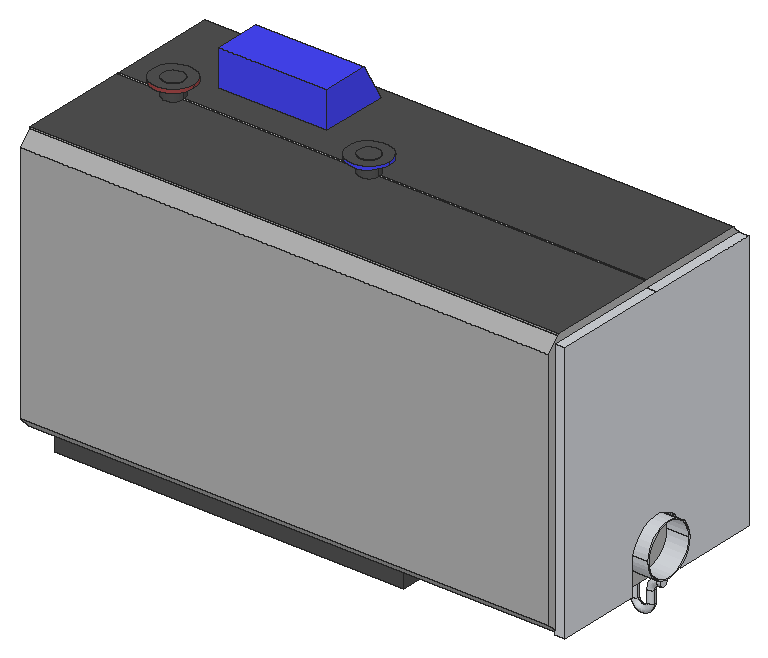
Revit family "YGNIS_Caldera de condensación LRK", category Equipos mecánicos, Revit 2016
Family settings
  Tipo de pieza = Normal
  Cota de conector redondo = Diámetro de uso
  Número OmniClass = 23.75.00.00
  Título OmniClass = Climate Control (HVAC)
  Se basa en plano de trabajo = No
  Siempre vertical = Sí
  Corte con vacíos al cargar = No
  Compartido = No
  Punto de cálculo de habitación = No
Parameters (values of type "LRK 23")
  ø empalme ida-retorno = g + 100 mm  # 200 mm
  q.2 = q - 55 mm  # 30 mm
  q = 85 mm
  o = 475 mm
  n.2 = n + 100 mm  # 180 mm
  n = 80 mm
  m = 285 mm
  l = 1695 mm
  k = 100 mm
  j = 950 mm
  i = 150 mm
  h = 1370 mm
  g = 100 mm
  f = 60 mm
  e. int = e - 5 mm  # 245 mm
  e. ext = e + 50 mm  # 300 mm
  e = 250 mm
  d2 = 240 mm
  d1 = 690 mm
  c = 800 mm
  b = 1060 mm
  a = 145 mm
  Volumen = 690.0 L
  URL = "http://www.ygnis.es"
  Presión de servicio = 5.92 atm
  Potencia útil condensador = 79 kW
  Potencia 80/60ºC = 630 kW
  Potencia 30/35ºC = 709 kW
  Peso = 1800.00 kg
  Modelo = "LRK 23"
  L = 2700 mm
  H = 1450 mm
  Fabricante = "YGNIS Atlantic"
  Descripción = "Calderas de condensación para gas\r\no gasóleo 3 pasos de humos"
  Código de montaje = "D3020100"
  Contacto - teléfono = "902 45 45 22"
  Contacto - email = "ygnis.es@groupe-atlantic.com"
  B = 1180 mm
  Asas = 580 mm
Types (10, lengths in mm): name | ø empalme ida-retorno | q.2 | q | o | n.2 | n | m | l | k | j | i | h | g | f | e. int | e. ext | e | d2 | d1 | c | b | a | Volumen | Potencia útil condensador | Potencia 80/60ºC | Potencia 30/35ºC | Peso | Modelo | L | H | B
  LRK 23 | 200 | 30 | 85 | 475 | 180 | 80 | 285 | 1695 | 100 | 950 | 150 | 1370 | 100 | 60 | 245 | 300 | 250 | 240 | 690 | 800 | 1060 | 145 | 690.0 L | 79 kW | 630 kW | 709 kW | 1800.00 kg | "LRK 23" | 2700 | 1450 | 1180
  LRK 24 | 200 | 70 | 125 | 560 | 180 | 80 | 305 | 1880 | 115 | 1150 | 200 | 1455 | 100 | 60 | 245 | 300 | 250 | 305 | 740 | 875 | 1130 | 145 | 840.0 L | 87 kW | 700 kW | 787 kW | 2160.00 kg | "LRK 24" | 2960 | 1535 | 1250
  LRK 25 | 200 | 70 | 125 | 560 | 180 | 80 | 305 | 1880 | 115 | 1150 | 200 | 1455 | 100 | 60 | 245 | 300 | 250 | 305 | 740 | 875 | 1130 | 145 | 840.0 L | 101 kW | 800 kW | 901 kW | 2160.00 kg | "LRK 25" | 2960 | 1535 | 1250
  LRK 26 | 200 | 110 | 165 | 650 | 200 | 100 | 335 | 1975 | 125 | 1150 | 200 | 1545 | 100 | 60 | 295 | 350 | 300 | 355 | 790 | 950 | 1210 | 145 | 1020.0 L | 110 kW | 895 kW | 1005 kW | 2420.00 kg | "LRK 26" | 3130 | 1625 | 1330
  LRK 27 | 225 | 130 | 185 | 720 | 200 | 100 | 385 | 2314 | 110 | 1493 | 238 | 1650 | 125 | 60 | 345 | 400 | 350 | 400 | 840 | 1105 | 1300 | 145 | 1430.0 L | 143 kW | 1150 kW | 1293 kW | 2950.00 kg | "LRK 27" | 3624 | 1730 | 1420
  LRK 28 | 225 | 130 | 185 | 720 | 200 | 100 | 385 | 2314 | 110 | 1493 | 238 | 1650 | 125 | 60 | 345 | 400 | 350 | 400 | 840 | 1105 | 1300 | 145 | 1430.0 L | 164 kW | 1300 kW | 1463 kW | 2950.00 kg | "LRK 28" | 3624 | 1730 | 1420
  LRK 29 | 225 | 180 | 235 | 795 | 225 | 125 | 455 | 2374 | 107 | 1727 | 274 | 1725 | 125 | 60 | 345 | 400 | 350 | 448 | 875 | 1260 | 1375 | 200 | 1885.0 L | 208 kW | 1650 kW | 1858 kW | 3508.00 kg | "LRK 29" | 4194 | 1805 | 1495
  LRK 30 | 250 | 105 | 160 | 780 | 225 | 125 | 285 | 2854 | 103 | 1844 | 292 | 1790 | 150 | 165 | 395 | 450 | 400 | 400 | 905 | 1360 | 1445 | 200 | 2170.0 L | 239 kW | 1900 kW | 2139 kW | 4133.00 kg | "LRK 30" | 4579 | 1870 | 1565
  LKR 31 | 250 | 115 | 170 | 860 | 250 | 150 | 285 | 3096 | 100 | 2000 | 318 | 1910 | 150 | 165 | 445 | 500 | 450 | 435 | 965 | 1360 | 1570 | 200 | 2755.0 L | 313 kW | 2500 kW | 2813 kW | 5169.00 kg | "LRK 31" | 4821 | 1990 | 1690
  LKR 32 | 300 | 145 | 200 | 940 | 250 | 150 | 285 | 3356 | 110 | 2168 | 344 | 2000 | 200 | 165 | 495 | 550 | 500 | 490 | 1015 | 1360 | 1645 | 200 | 3240.0 L | 379 kW | 3000 kW | 3378 kW | 5892.00 kg | "LRK 32" | 5081 | 2080 | 1765
Reference planes
  plane 1 "Centro (Frontal/Posterior)": y = 0
  plane 2: z = 0
  plane 3 "Centro (Izquierda/Derecha)": x = 0
  plane 4 "Izquierda": x = -1350
  plane 5: y = 590
  plane 6: y = -590
  plane 7 "Derecha": x = 1350
  plane 8: x = -1205
  plane 9: x = 490
  plane 10 "Tapa derecha": x = 1290
  plane 11: z = 75
  plane 12: y = 530
  plane 13: y = -530
  plane 14: x = -1325
  plane 15: x = 1240
  plane 16: y = -557
  plane 17: y = 557
  plane 18 "Asa izq": y = -290
  plane 19 "Asa der": y = 290
  plane 20: y = -260
  plane 21: y = 260
  plane 22 "H - ida / retorno": z = 1450
  plane 23 "ida": x = -1055
  plane 24 "retorno": x = -105
  plane 25 "h - altura de bloqueo": z = 1370
  plane 26 "Quemador": z = 690
  plane 27: x = -1300
  plane 28: z = 240
  plane 29 "Descarga izquierda": z = 100
  plane 30 "q": z = 85
  plane 31: z = 1140
  plane 32: z = 475
  plane 33: x = 1005
  plane 34 "Ida - retorno calentador": y = 675
  plane 35 "Mandos izquierda": x = -955
  plane 36 "Mandos derecha": x = -430
  plane 37 "Mandos post": y = 152.5
  plane 38 "Mandos front": y = 477.5
  plane 39 "Mandos medio": y = 377.5
  plane 40 "Mandos sup": z = 1545
  plane 41: x = -475
  plane 42: x = -910
  plane 43: x = 1325
Forms (mm)
  Extrusion 1, solid
    sketch origin (0, 0, 0) x (1, 0, 0) y (0, 1, 0)
      loop
        line (-1205, 530) -> (-1205, -530) -> (490, -530) -> (490, 530) -> (-1205, 530)
    from 0 to 100 <- "k"
  Sweep 2, solid, material "Gris"
    path origin (0, 0, 0) x (1, 0, 0) y (0, 1, 0)
      loop
        line (-1325, 0) -> (1240, 0)
    profile origin (-42.5, 0, 0) x (0, 1, 0) y (0, 0, 1)
      loop
        line (-590, 126.414) -> (-538.586, 75) -> (538.586, 75) -> (590, 126.414) -> (590, 1307.06) -> (533.414, 1363.646) -> (530, 1363.646) -> (530, 1370) -> (5, 1370)
        arc (5, 1370) -> (1.464, 1368.536) -> (0, 1365) r 5
        arc (0, 1365) -> (-1.464, 1368.536) -> (-5, 1370) r 5
        line (-5, 1370) -> (-530, 1370) -> (-530, 1363.646) -> (-533.414, 1363.646) -> (-590, 1307.06) -> (-590, 126.414)
  Extrusion 3, solid
    sketch origin (1350, 0, 0) x (0, 1, 0) y (0, 0, 1)
      loop
        circle (0, 240) r 125
      loop
        circle (0, 240) r 122.5
    from 0 to -110
  Extrusion 4, solid
    sketch origin (1290, 0, 0) x (0, 1, 0) y (0, 0, 1)
      loop
        line (-557, 1339.5) -> (-557, 75) -> (-150, 75) -> (-150, 220.093)
        arc (-150, 220.093) -> (0, 370.093) -> (150, 220.093) r 150
        line (150, 220.093) -> (150, 75) -> (557, 75) -> (557, 1339.5) -> (1, 1339.5) -> (1, 1338.5) -> (-1, 1338.5) -> (-1, 1339.5) -> (-557, 1339.5)
    from 0 to -50
  Sweep 5, void
    path origin (1290, 0, 0) x (0, 1, 0) y (0, 0, 1)
      loop
        line (0, 1338.5) -> (0, 372.307)
    profile origin (1290, 0, 855.404) x (1, 0, 0) y (0, 1, 0)
      loop
        line (0, 1) -> (-2.61, 1) -> (-2.61, -1) -> (0, -1) -> (0, 1)
  Extrusion 6, solid
    sketch origin (0, 0, 1450) x (-1, 0, 0) y (0, -1, 0)
      loop
        circle (1055, 0) r 100
      loop
        circle (105, 0) r 100
    from 0 to -15
  Extrusion 7, solid
    sketch origin (0, 0, 1450) x (-1, 0, 0) y (0, -1, 0)
      loop
        circle (1055, 0) r 50
      loop
        circle (105, 0) r 50
    from 0 to -80
  Sweep 8, solid
    path origin (0, 0, 690) x (0, 1, 0) y (-1, 0, 0)
      loop
        line (244.567, 1350) -> (237.399, 1325)
    profile origin (-1337.5, 240.983, 690) x (0.275637, 0.961262, 0) y (0, 0, 1)
      loop
        circle (0, 0) r 30
  Extrusion 9, solid
    sketch origin (-1350, 0, 0) x (0, 1, 0) y (0, 0, 1)
      loop
        line (197, 870) -> (191.204, 870) -> (187.103, 877.103) -> (180, 881.184) -> (180, 885) -> (-180, 885) -> (-180, 881.184) -> (-187.09, 877.09) -> (-191.184, 870) -> (-195, 870) -> (-195, 510) -> (-191.184, 510) -> (-187.09, 502.91) -> (-180, 498.816) -> (-180, 495) -> (182, 495) -> (182, 498.816) -> (189.103, 502.897) -> (193.204, 510) -> (197, 510) -> (197, 870)
      loop
        circle (42.705, 849.378) r 7.5
      loop
        circle (127.674, 817.674) r 7.5
      loop
        circle (159.378, 647.295) r 7.5
      loop
        circle (127.674, 562.326) r 7.5
      loop
        circle (-42.705, 530.622) r 7.5
      loop
        circle (-127.674, 562.326) r 7.5
      loop
        circle (-159.378, 732.705) r 7.5
      loop
        circle (-127.674, 817.674) r 7.5
      loop
        circle (0, 690) r 145
    from 0 to 25
  Extrusion 10, void
    sketch origin (-1350, 0, 0) x (0, 1, 0) y (0, 0, 1)
      loop
        circle (0, 690) r 145
    from 0 to 50
  Extrusion 11, void
    sketch origin (-1350, 0, 0) x (0, 1, 0) y (0, 0, 1)
      loop
        line (-530, 1201.5) -> (-530, 1338.646) -> (-532, 1338.646) -> (-532, 1186.232) -> (-515, 1186.232) -> (-515, 75) -> (515, 75) -> (515, 1186.498) -> (531.266, 1186.498)
        arc (531.266, 1186.498) -> (531.973, 1186.791) -> (532.266, 1187.498) r 1
        line (532.266, 1187.498) -> (532.266, 1361.498) -> (529, 1361.498) -> (529, 1201.5) -> (-530, 1201.5)
      loop
        line (-494, 165) -> (494, 165) -> (494, 171) -> (500, 171) -> (500, 1184) -> (494, 1184) -> (494, 1190) -> (-494, 1190) -> (-494, 1183.981) -> (-500, 1184) -> (-500, 171) -> (-494, 171) -> (-494, 165)
    from 0 to 50
  Extrusion 12, solid
    sketch origin (0, 675, 0) x (1, 0, 0) y (0, 0, 1)
      loop
        circle (1005, 1140) r 40
      loop
        circle (1005, 475) r 40
    from 0 to 85.586
  Extrusion 13, solid
    sketch origin (0, 675, 0) x (1, 0, 0) y (0, 0, 1)
      loop
        circle (1005, 1140) r 90
      loop
        circle (1005, 475) r 90
    from 0 to 15
  Extrusion 14, solid
    sketch origin (-1350, 0, 0) x (0, 1, 0) y (0, 0, 1)
      loop
        circle (0, 100) r 25
    from 0 to 50
  Extrusion 15, solid
    sketch origin (-430, 0, 0) x (0, 1, 0) y (0, 0, 1)
      loop
        line (152.5, 1370) -> (477.5, 1370) -> (377.5, 1545) -> (152.5, 1545) -> (152.5, 1370)
    from 0 to -525
  Extrusion 16, solid
    sketch origin (-430, 0, 0) x (0, 1, 0) y (0, 0, 1)
      loop
        line (399.634, 1506.266) -> (447.809, 1421.96) -> (460.553, 1429.243)
        arc (460.553, 1429.243) -> (438.999, 1472.854) -> (412.124, 1513.404) r 385.5
        line (412.124, 1513.404) -> (399.634, 1506.266)
    from -45 to -480
Cuts and joins
  Sweep 5 cuts Extrusion 4
  Extrusion 10, Extrusion 11 cuts Sweep 2
  Extrusion 10 cuts Extrusion 9
  Extrusion 11 cuts Extrusion 1
Lines and regions (mm)
  Split face 1
    outline origin (-1325, 590, 1307.06) x (1, 0, 0) y (0, 0, -1)
      loop
        line (2330, 1180.646) -> (2330, 0)
  Split face 2
    outline origin (-1325, 590, 1307.06) x (1, 0, 0) y (0, 0, -1)
      loop
        line (2095, 0) -> (2095, 1180.646)
  Split face 3
    outline origin (-1325, 590, 1307.06) x (1, 0, 0) y (0, 0, -1)
      loop
        line (1106.39, 0) -> (1106.39, 1180.646)
  Split face 4
    outline origin (-1325, 590, 1307.06) x (1, 0, 0) y (0, 0, -1)
      loop
        line (139.39, 0) -> (139.39, 1180.646)
  Split face 5
    outline origin (-1325, -590, 126.414) x (1, 0, 0) y (0, 0, 1)
      loop
        line (1799.39, 545.986) -> (1799.39, 85.986) -> (2039.39, 85.986) -> (2039.39, 545.986) -> (1799.39, 545.986)
  Split face 6
    outline origin (-1325, -590, 126.414) x (1, 0, 0) y (0, 0, 1)
      loop
        line (2165, 0) -> (2165, 1180.646)
  Split face 7
    outline origin (-1325, -590, 126.414) x (1, 0, 0) y (0, 0, 1)
      loop
        line (901, 0) -> (901, 1180.646)
  Split face 8
    outline origin (-1325, -590, 126.414) x (1, 0, 0) y (0, 0, 1)
      loop
        line (1106.39, 0) -> (1106.39, 1180.646)
Dimensions and locks
  equal spacing: plane 4 "Izquierda", plane 3 "Centro (Izquierda/Derecha)", plane 7 "Derecha"
  "L": plane 4 "Izquierda" to plane 7 "Derecha"
  equal spacing: plane 5, plane 1 "Centro (Frontal/Posterior)", plane 6
  "B": plane 5 to plane 6
  "a": plane 4 "Izquierda" to plane 8
  "l": plane 8 to plane 9
  "c": plane 9 to plane 10 "Tapa derecha"
  equal spacing: plane 12, plane 1 "Centro (Frontal/Posterior)", plane 13
  "b": plane 12 to plane 13
  locked: plane 4 "Izquierda" to plane 14 at 25
  locked: plane 15 to plane 10 "Tapa derecha" at 50
  locked: plane 6 to plane 16 at 33
  locked: plane 17 to plane 5 at 33
  equal spacing: plane 18 "Asa izq", plane 1 "Centro (Frontal/Posterior)", plane 19 "Asa der"
  "Asas": plane 19 "Asa der" to plane 18 "Asa izq"
  locked: plane 18 "Asa izq" to plane 20 at 30
  locked: plane 19 "Asa der" to plane 21 at 30
  "H": plane 22 "H - ida / retorno" to level
  "i": plane 23 "ida" to plane 8
  "j": plane 24 "retorno" to plane 23 "ida"
  "h": plane 25 "h - altura de bloqueo" to level
  "d1": plane 26 "Quemador" to level
  locked: plane 4 "Izquierda" to plane 27 at 50
  equal spacing: cut or joined group of Extrusion 9, Extrusion 10, plane 26 "Quemador", cut or joined group of Extrusion 9, Extrusion 10, locked at 195 each
  equal spacing: cut or joined group of Extrusion 9, Extrusion 10, cut or joined group of Extrusion 4, Sweep 5, cut or joined group of Extrusion 9, Extrusion 10, locked at 196 each
  "d2": plane 28 to level
  plane 10 "Tapa derecha" to plane 7 "Derecha" = 60 mm
  "k": plane 29 "Descarga izquierda" to level
  plane 11 to level = 75 mm
  "q": plane 30 "q" to level
  "o": plane 32 to level
  locked: plane 31 to plane 32 at 665
  "m": plane 33 to plane 10 "Tapa derecha"
  locked: plane 34 "Ida - retorno calentador" to plane 5 at 85
  locked: plane 35 "Mandos izquierda" to plane 23 "ida" at 100
  locked: plane 36 "Mandos derecha" to plane 35 "Mandos izquierda" at 525
  locked: plane 5 to plane 38 "Mandos front" at 112.5
  locked: plane 39 "Mandos medio" to plane 38 "Mandos front" at 100
  locked: plane 39 "Mandos medio" to plane 37 "Mandos post" at 225
  locked: plane 40 "Mandos sup" to plane 25 "h - altura de bloqueo" at 175
  locked: plane 35 "Mandos izquierda" to plane 42 at 45
  locked: plane 41 to plane 36 "Mandos derecha" at 45
  locked: plane 43 to plane 15 at 85
  "e. ext": diameter of Extrusion 4 sketch curve
  "ø empalme ida-retorno": diameter of Extrusion 6 sketch curve  (x2)
  "g": diameter of Extrusion 7 sketch curve  (x2)
  "e": diameter of Extrusion 3 sketch curve
  "e. int": diameter of Extrusion 3 sketch curve
  "n": diameter of Extrusion 12 sketch curve  (x2)
  "n.2": diameter of Extrusion 13 sketch curve  (x2)
  aligned and locked: level to plane 2
  aligned and locked: Extrusion 1 sketch curve to plane 12
  aligned and locked: plane 8 to Extrusion 1 sketch curve
  aligned and locked: Extrusion 1 sketch curve to plane 13
  aligned and locked: Extrusion 1 sketch curve to plane 9
  aligned and locked: plane 1 "Centro (Frontal/Posterior)" to Sweep 2 sketch curve
  aligned and locked: plane 14 to Sweep 2 sketch curve
  aligned and locked: Sweep 2 sketch curve to plane 6
  aligned and locked: Sweep 2 sketch curve to plane 5
  aligned and locked: Sweep 2 sketch curve to plane 11
  aligned and locked: plane 5 to Sweep 2 sketch curve
  aligned and locked: Extrusion 3 to plane 15
  aligned and locked: plane 15 to Sweep 2 sketch curve
  aligned and locked: Extrusion 4 sketch curve to plane 11  (x2)
  aligned and locked: Extrusion 4 to plane 15
  aligned and locked: plane 1 "Centro (Frontal/Posterior)" to Sweep 5 sketch curve
  aligned and locked: Sweep 2 sketch curve to plane 25 "h - altura de bloqueo"
  aligned and locked: plane 25 "h - altura de bloqueo" to Sweep 2 sketch curve
  aligned and locked: Sweep 2 sketch curve to plane 12
  aligned and locked: Extrusion 7 to plane 25 "h - altura de bloqueo"
  aligned and locked: plane 14 to Sweep 8 sketch curve
  aligned and locked: plane 14 to Extrusion 9
  aligned and locked: Extrusion 10 to plane 27
  aligned and locked: Extrusion 11 sketch curve to plane 11
  aligned and locked: Extrusion 11 to plane 27
  aligned and locked: Extrusion 14 to plane 27
  aligned and locked: plane 37 "Mandos post" to Extrusion 15 sketch curve
  aligned and locked: Extrusion 15 sketch curve to plane 40 "Mandos sup"
  aligned and locked: plane 40 "Mandos sup" to Extrusion 15 sketch curve
  aligned and locked: plane 25 "h - altura de bloqueo" to Extrusion 15 sketch curve
  aligned and locked: Extrusion 15 to plane 35 "Mandos izquierda"
  aligned and locked: Extrusion 16 sketch curve to Extrusion 15
  aligned and locked: plane 42 to Extrusion 16
  aligned and locked: plane 41 to Extrusion 16
  aligned and locked: plane 38 "Mandos front" to nested 1
  aligned and locked: plane 13 to Sweep 2 sketch curve
  aligned and locked: plane 30 "q" to nested 2
  aligned and locked: nested 2 to plane 43
Automatic sketch dimensions
  Sweep 5 sketch curve to Sweep 5 sketch curve = 966.193 mm
  Sweep 5 sketch curve to plane 10 "Tapa derecha" = 0 mm
  profile plane to Sweep 5 sketch curve = 1 mm
  Sweep 5 sketch curve to Sweep 5 sketch curve = 2.61 mm
  Sweep 5 sketch curve to profile plane = 1 mm
  Sweep 8 sketch curve to plane 4 "Izquierda" = 0 mm
  Sweep 8 sketch curve to plane 21 = 22.601 mm
  Sweep 8 sketch curve to plane 21 = 15.433 mm
  Sweep 8 sketch curve to plane 26 "Quemador" = 0 mm
  Sweep 8 sketch curve to profile plane = 0 mm
  Extrusion 10 sketch curve to Extrusion 10 sketch curve = 0 mm  (x2)
  Extrusion 10 sketch curve to plane 26 "Quemador" = 0 mm
  Extrusion 10 sketch curve to plane 1 "Centro (Frontal/Posterior)" = 0 mm
  Extrusion 10 sketch curve to plane 20 = 115 mm
  Extrusion 9 sketch curve to plane 1 "Centro (Frontal/Posterior)" = 0 mm
  Extrusion 9 sketch curve to plane 26 "Quemador" = 0 mm
  plane 1 "Centro (Frontal/Posterior)" to Extrusion 9 sketch curve = 42.705 mm
  plane 1 "Centro (Frontal/Posterior)" to Extrusion 9 sketch curve = 127.674 mm
  Extrusion 9 sketch curve to Extrusion 9 sketch curve = 84.969 mm  (x4)
  plane 26 "Quemador" to Extrusion 9 sketch curve = 42.705 mm
  Extrusion 9 sketch curve to Extrusion 9 sketch curve = 31.703 mm  (x4)
  Extrusion 9 sketch curve to plane 20 = 80 mm  (x2)
  Extrusion 9 sketch curve to Extrusion 9 sketch curve = 7.09 mm  (x4)
  Extrusion 9 sketch curve to Extrusion 9 sketch curve = 4.094 mm  (x4)
  Extrusion 9 sketch curve to Extrusion 9 sketch curve = 3.816 mm  (x3)
  Extrusion 9 sketch curve to plane 1 "Centro (Frontal/Posterior)" = 42.705 mm
  Extrusion 9 sketch curve to plane 1 "Centro (Frontal/Posterior)" = 127.674 mm
  Extrusion 9 sketch curve to plane 26 "Quemador" = 42.705 mm
  Extrusion 9 sketch curve to plane 21 = 78 mm
  Extrusion 9 sketch curve to plane 21 = 80 mm
  Extrusion 9 sketch curve to Extrusion 9 sketch curve = 7.103 mm  (x4)
  Extrusion 9 sketch curve to Extrusion 9 sketch curve = 4.101 mm  (x2)
  Extrusion 9 sketch curve to Extrusion 9 sketch curve = 3.796 mm
  Extrusion 9 sketch curve to plane 26 "Quemador" = 127.674 mm
  Extrusion 9 sketch curve to Extrusion 9 sketch curve = 52.326 mm  (x4)
  Extrusion 9 sketch curve to Extrusion 9 sketch curve = 4.081 mm  (x2)
  plane 26 "Quemador" to Extrusion 9 sketch curve = 127.674 mm
  Extrusion 11 sketch curve to plane 13 = 0 mm
  plane 13 to Extrusion 11 sketch curve = 2 mm
  Extrusion 11 sketch curve to plane 13 = 15 mm
  Extrusion 11 sketch curve to plane 13 = 30 mm
  Extrusion 11 sketch curve to Extrusion 11 sketch curve = 6 mm  (x6)
  Extrusion 11 sketch curve to plane 12 = 36 mm  (x2)
  Extrusion 11 sketch curve to plane 12 = 15 mm
  Extrusion 11 sketch curve to plane 12 = 1 mm
  plane 12 to Extrusion 11 sketch curve = 1.266 mm
  Extrusion 11 sketch curve to Extrusion 11 sketch curve = 1 mm
  plane 29 "Descarga izquierda" to Extrusion 11 sketch curve = 65 mm
  plane 31 to Extrusion 11 sketch curve = 43.981 mm
  plane 31 to Extrusion 11 sketch curve = 44 mm
  Extrusion 11 sketch curve to Extrusion 11 sketch curve = 0.019 mm
  Extrusion 11 sketch curve to Extrusion 11 sketch curve = 2.232 mm
  Extrusion 11 sketch curve to Extrusion 11 sketch curve = 2.498 mm
  Extrusion 11 sketch curve to Extrusion 11 sketch curve = 14.002 mm
  Extrusion 11 sketch curve to plane 25 "h - altura de bloqueo" = 31.354 mm
  Extrusion 11 sketch curve to plane 25 "h - altura de bloqueo" = 8.502 mm
  Extrusion 14 sketch curve to plane 1 "Centro (Frontal/Posterior)" = 0 mm
  Extrusion 14 sketch curve to plane 29 "Descarga izquierda" = 0 mm
  Extrusion 15 sketch curve to plane 39 "Mandos medio" = 0 mm
  Extrusion 15 sketch curve to plane 38 "Mandos front" = 0 mm
  Extrusion 16 sketch curve to plane 37 "Mandos post" = 47.63 mm
  plane 39 "Mandos medio" to Extrusion 16 sketch curve = 34.624 mm
  plane 38 "Mandos front" to Extrusion 16 sketch curve = 16.947 mm
  Extrusion 16 sketch curve to Extrusion 16 sketch curve = 7.283 mm
  Extrusion 16 sketch curve to Extrusion 16 sketch curve = 7.138 mm
  Split face 1 sketch curve to cut or joined group of Sweep 2, Extrusion 10, Extrusion 11 = 0 mm  (x2)
  Split face 1 sketch curve to cut or joined group of Sweep 2, Extrusion 10, Extrusion 11 = 235 mm
  Split face 3 sketch curve to cut or joined group of Sweep 2, Extrusion 10, Extrusion 11 = 0 mm  (x2)
  cut or joined group of Sweep 2, Extrusion 10, Extrusion 11 to Split face 3 sketch curve = 1106.39 mm
  Split face 4 sketch curve to cut or joined group of Sweep 2, Extrusion 10, Extrusion 11 = 0 mm  (x2)
  cut or joined group of Sweep 2, Extrusion 10, Extrusion 11 to Split face 4 sketch curve = 139.39 mm
  cut or joined group of Sweep 2, Extrusion 10, Extrusion 11 to Split face 5 sketch curve = 85.986 mm
  Split face 5 sketch curve to cut or joined group of Sweep 2, Extrusion 10, Extrusion 11 = 765.61 mm
  Split face 5 sketch curve to Split face 5 sketch curve = 240 mm
  Split face 5 sketch curve to Split face 5 sketch curve = 460 mm
  Sweep 5 sketch curve to plane 32 = 102.693 mm
  Sweep 2 sketch curve to profile plane = 0 mm  (x2)
  Sweep 2 sketch curve to Sweep 2 sketch curve = 51.414 mm  (x4)
  Sweep 2 sketch curve to Sweep 2 sketch curve = 3.414 mm  (x2)
  profile plane to Sweep 2 sketch curve = 5 mm
  Sweep 2 sketch curve to Sweep 2 sketch curve = 5 mm
  Sweep 2 sketch curve to Sweep 2 sketch curve = 62.94 mm
  Sweep 2 sketch curve to Sweep 2 sketch curve = 6.354 mm  (x2)
  Sweep 2 sketch curve to Sweep 2 sketch curve = 56.586 mm
  Split face 6 sketch curve to cut or joined group of Sweep 2, Extrusion 10, Extrusion 11 = 0 mm  (x2)
  Split face 6 sketch curve to cut or joined group of Sweep 2, Extrusion 10, Extrusion 11 = 400 mm
  Split face 7 sketch curve to cut or joined group of Sweep 2, Extrusion 10, Extrusion 11 = 0 mm  (x2)
  Split face 7 sketch curve to cut or joined group of Sweep 2, Extrusion 10, Extrusion 11 = 1664 mm
  Split face 8 sketch curve to cut or joined group of Sweep 2, Extrusion 10, Extrusion 11 = 0 mm  (x2)
  cut or joined group of Sweep 2, Extrusion 10, Extrusion 11 to Split face 8 sketch curve = 1106.39 mm
  Extrusion 3 sketch curve to Extrusion 3 sketch curve = 0 mm  (x2)
  Extrusion 3 sketch curve to plane 1 "Centro (Frontal/Posterior)" = 0 mm
  Extrusion 3 sketch curve to plane 28 = 0 mm
  Extrusion 4 sketch curve to plane 16 = 0 mm
  Extrusion 4 sketch curve to plane 1 "Centro (Frontal/Posterior)" = 0 mm
  Extrusion 4 sketch curve to plane 17 = 0 mm
  plane 1 "Centro (Frontal/Posterior)" to Extrusion 4 sketch curve = 1 mm
  Extrusion 4 sketch curve to plane 1 "Centro (Frontal/Posterior)" = 1 mm
  Extrusion 4 sketch curve to plane 28 = 19.907 mm
  Extrusion 4 sketch curve to plane 25 "h - altura de bloqueo" = 31.5 mm
  Extrusion 4 sketch curve to Extrusion 4 sketch curve = 1 mm
  Extrusion 4 sketch curve to plane 25 "h - altura de bloqueo" = 30.5 mm
  plane 1 "Centro (Frontal/Posterior)" to Extrusion 6 sketch curve = 0 mm
  Extrusion 6 sketch curve to plane 24 "retorno" = 0 mm
  Extrusion 6 sketch curve to plane 1 "Centro (Frontal/Posterior)" = 0 mm
  Extrusion 6 sketch curve to plane 23 "ida" = 0 mm
  plane 1 "Centro (Frontal/Posterior)" to Extrusion 7 sketch curve = 0 mm
  Extrusion 7 sketch curve to plane 24 "retorno" = 0 mm
  Extrusion 7 sketch curve to plane 1 "Centro (Frontal/Posterior)" = 0 mm
  Extrusion 7 sketch curve to plane 23 "ida" = 0 mm
  Extrusion 12 sketch curve to plane 32 = 0 mm
  Extrusion 12 sketch curve to plane 33 = 0 mm  (x2)
  Extrusion 12 sketch curve to plane 31 = 0 mm
  Extrusion 13 sketch curve to plane 32 = 0 mm
  Extrusion 13 sketch curve to plane 33 = 0 mm  (x2)
  Extrusion 13 sketch curve to plane 31 = 0 mm
  radius of Sweep 8 sketch curve = 30 mm
  radius of Extrusion 9 sketch curve = 7.5 mm  (x8)
  radius of Extrusion 9 sketch curve = 145 mm
  radius of Extrusion 14 sketch curve = 25 mm
Nested families
  nested 1: "Familia2" at (-1325, 477.5, 1161.5) x (0, -1, 0) z (-1, 0, 0), type "Familia2"
  nested 2: "Familia1" at (1325, 0, 85), type "Familia1"
Connectors
  piping at (-105, 0, 1450), diameter 100, driven by "g"
    settings: on Extrusion 7, index 1, connector inside diameter 609.6 mm, connector length 0 mm, flow factor 0, pipe flow 0.0 L/s, pressure drop 0.0 Pa, fitting loss kfactor 0, connector angle 0.00°, fixture units 0, engagement length 0 mm, angle of deflection 0.00°, flow configuration 0, flow direction 1, fitting loss method 0, system type 20, joint type 0, gender type 0, connector reference index -1, connector utility 0, adjustable connector no, is connector primary yes, connector description ""
  piping at (-1055, 0, 1450), diameter 100, driven by "g"
    settings: on Extrusion 7, index 2, connector inside diameter 609.6 mm, connector length 0 mm, flow factor 0, pipe flow 0.0 L/s, pressure drop 0.0 Pa, fitting loss kfactor 0, connector angle 0.00°, fixture units 0, engagement length 0 mm, angle of deflection 0.00°, flow configuration 0, flow direction 2, fitting loss method 0, system type 19, joint type 0, gender type 0, connector reference index -1, connector utility 0, adjustable connector no, is connector primary no, connector description ""
  piping at (1005, 675, 475), diameter 80, driven by "n"
    settings: on Extrusion 12, index 3, connector inside diameter 609.6 mm, connector length 0 mm, flow factor 0, pipe flow 0.0 L/s, pressure drop 0.0 Pa, fitting loss kfactor 0, connector angle 0.00°, fixture units 0, engagement length 0 mm, angle of deflection 0.00°, flow configuration 0, flow direction 1, fitting loss method 0, system type 20, joint type 0, gender type 0, connector reference index -1, connector utility 0, adjustable connector no, is connector primary no, connector description ""
  piping at (1005, 675, 1140), diameter 80, driven by "n"
    settings: on Extrusion 12, index 4, connector inside diameter 609.6 mm, connector length 0 mm, flow factor 0, pipe flow 0.0 L/s, pressure drop 0.0 Pa, fitting loss kfactor 0, connector angle 0.00°, fixture units 0, engagement length 0 mm, angle of deflection 0.00°, flow configuration 0, flow direction 2, fitting loss method 0, system type 19, joint type 0, gender type 0, connector reference index -1, connector utility 0, adjustable connector no, is connector primary no, connector description ""
  hvac at (1350, 0, 240), driven by "e"
    settings: on Extrusion 3, index 5, duct flow 0.0 L/s, flow factor 0, pres drop 0.0 atm, loss coef 0, conn angle 0.00°, conn width 304.8 mm, conn height 304.8 mm, conn diameter 250 mm, duct sys type 3, conn prof type 0, flow config 0, flow direction 2, loss method 0, conn ref index -1, conn util no, is conn primary yes, conn desc ""
  piping at (1325, 0, 85), diameter 32
    settings: on nested 2, index 6, connector inside diameter 609.6 mm, connector length 0 mm, flow factor 0, pipe flow 0.0 L/s, pressure drop 0.0 Pa, fitting loss kfactor 0, connector angle 0.00°, fixture units 0, engagement length 0 mm, angle of deflection 0.00°, flow configuration 0, flow direction 2, fitting loss method 0, system type 16, joint type 0, gender type 0, connector reference index -1, connector utility 0, adjustable connector no, is connector primary no, connector description ""
Definition of nested family "Familia1"
  Reference planes
    plane 1 "Centro (Frontal/Posterior)": y = 0
    plane 2: z = 0
    plane 3 "Centro (Izquierda/Derecha)": x = 0
  Forms (mm)
    Sweep 1, solid
      path origin (-140, 0, -16) x (1, 0, 0) y (0, 0, 1)
        loop
          line (140, 16) -> (121.032, 16)
          arc (121.032, 16) -> (91.851, 2.102) -> (80, -27.968) r 44.073
          line (80, -27.968) -> (80, -87.3)
          arc (80, -87.3) -> (40, -127.3) -> (0, -87.3) r 40
          line (0, -87.3) -> (0, 16)
      profile origin (-140, 0, -51.65) x (-1, 0, 0) y (0, -1, 0)
        loop
          circle (0, 0) r 16
  Dimensions and locks
    aligned and locked: level to plane 2
    aligned and locked: level to Sweep 1 sketch curve
    aligned and locked: Sweep 1 sketch curve to level
Definition of nested family "Familia2"
  Parameters (values of type "Familia2")
    Default Elevation = 1219.2 mm
  Reference planes
    plane 1 "Centro (Frontal/Posterior)": y = 0
    plane 2: z = 0
    plane 3 "Centro (Izquierda/Derecha)": x = 0
  Forms (mm)
    Extrusion 1, solid
      sketch origin (0, 0, 0) x (1, 0, 0) y (0, 1, 0)
        loop
          line (-1219.2, 1219.2) -> (-1219.2, -1219.2) -> (1219.2, -1219.2) -> (1219.2, 1219.2) -> (-1219.2, 1219.2)
      from 0 to -304.8
  Dimensions and locks
    aligned and locked: plane 2 to Extrusion 1
    aligned and locked: level to Extrusion 1
